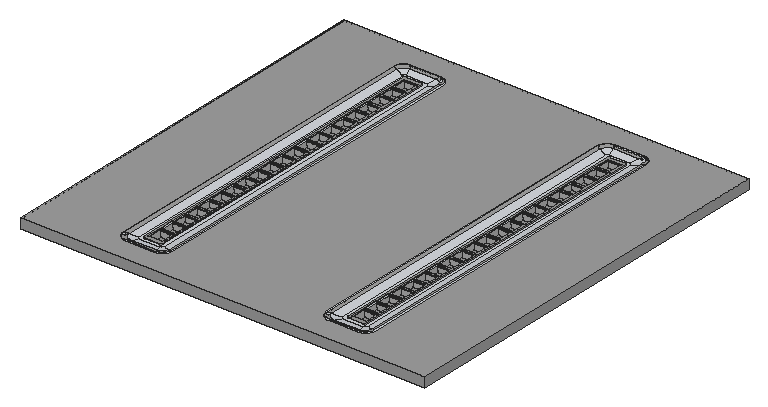
Revit family "0044010 Sylvania Lighting Fixture OptiClip 600 3000K C8 WH SSC WHITE", category Lighting Fixtures, host Face, Revit 2016 (continued)
Automatic sketch dimensions
  Blend 25 sketch curve to plane 64 = 4.7 mm
  Extrusion 26 sketch curve to plane 75 = 0 mm
  Extrusion 26 sketch curve to plane 77 = 0 mm
  Extrusion 26 sketch curve to plane 76 = 0 mm
  Extrusion 26 sketch curve to plane 74 = 0 mm
  Extrusion 27 sketch curve to plane 77 = 0 mm
  Extrusion 27 sketch curve to plane 76 = 0 mm
  plane 33 to Extrusion 27 sketch curve = 4.7 mm
  Extrusion 27 sketch curve to plane 32 = 4.7 mm
  Extrusion 28 sketch curve to plane 77 = 0 mm
  Extrusion 28 sketch curve to plane 76 = 0 mm
  plane 35 to Extrusion 28 sketch curve = 4.655 mm
  Extrusion 28 sketch curve to plane 34 = 4.7 mm
  Extrusion 29 sketch curve to plane 77 = 0 mm
  Extrusion 29 sketch curve to plane 76 = 0 mm
  plane 37 to Extrusion 29 sketch curve = 4.745 mm
  Extrusion 29 sketch curve to plane 36 = 4.7 mm
  Extrusion 30 sketch curve to plane 77 = 0 mm
  Extrusion 30 sketch curve to plane 76 = 0 mm
  plane 39 to Extrusion 30 sketch curve = 4.7 mm
  Extrusion 30 sketch curve to plane 38 = 4.7 mm
  Extrusion 31 sketch curve to plane 77 = 0 mm
  Extrusion 31 sketch curve to plane 76 = 0 mm
  plane 41 to Extrusion 31 sketch curve = 4.7 mm
  Extrusion 31 sketch curve to plane 40 = 4.7 mm
  Extrusion 32 sketch curve to plane 77 = 0 mm
  Extrusion 32 sketch curve to plane 76 = 0 mm
  plane 43 to Extrusion 32 sketch curve = 4.7 mm
  Extrusion 32 sketch curve to plane 42 = 4.7 mm
  Extrusion 33 sketch curve to plane 77 = 0 mm
  Extrusion 33 sketch curve to plane 76 = 0 mm
  plane 45 to Extrusion 33 sketch curve = 4.674 mm
  Extrusion 33 sketch curve to plane 44 = 4.7 mm
  Extrusion 34 sketch curve to plane 77 = 0 mm
  Extrusion 34 sketch curve to plane 76 = 0 mm
  plane 47 to Extrusion 34 sketch curve = 4.726 mm
  Extrusion 34 sketch curve to plane 46 = 4.7 mm
  Extrusion 35 sketch curve to plane 77 = 0 mm
  Extrusion 35 sketch curve to plane 76 = 0 mm
  plane 49 to Extrusion 35 sketch curve = 4.7 mm
  Extrusion 35 sketch curve to plane 48 = 4.7 mm
  Extrusion 36 sketch curve to plane 77 = 0 mm
  Extrusion 36 sketch curve to plane 76 = 0 mm
  plane 51 to Extrusion 36 sketch curve = 4.7 mm
  Extrusion 36 sketch curve to plane 50 = 4.7 mm
  Extrusion 37 sketch curve to plane 77 = 0 mm
  Extrusion 37 sketch curve to plane 76 = 0 mm
  plane 53 to Extrusion 37 sketch curve = 4.7 mm
  Extrusion 37 sketch curve to plane 52 = 4.7 mm
  Extrusion 38 sketch curve to plane 77 = 0 mm
  Extrusion 38 sketch curve to plane 76 = 0 mm
  plane 55 to Extrusion 38 sketch curve = 4.7 mm
  Extrusion 38 sketch curve to plane 54 = 4.7 mm
  Extrusion 39 sketch curve to plane 77 = 0 mm
  Extrusion 39 sketch curve to plane 76 = 0 mm
  plane 57 to Extrusion 39 sketch curve = 4.655 mm
  Extrusion 39 sketch curve to plane 56 = 4.7 mm
  Extrusion 40 sketch curve to plane 77 = 0 mm
  Extrusion 40 sketch curve to plane 76 = 0 mm
  plane 59 to Extrusion 40 sketch curve = 4.745 mm
  Extrusion 40 sketch curve to plane 58 = 4.7 mm
  Extrusion 41 sketch curve to plane 77 = 0 mm
  Extrusion 41 sketch curve to plane 76 = 0 mm
  plane 61 to Extrusion 41 sketch curve = 4.7 mm
  Extrusion 41 sketch curve to plane 60 = 4.7 mm
  Extrusion 42 sketch curve to plane 77 = 0 mm
  Extrusion 42 sketch curve to plane 76 = 0 mm
  plane 63 to Extrusion 42 sketch curve = 4.7 mm
  Extrusion 42 sketch curve to plane 62 = 4.7 mm
  Extrusion 43 sketch curve to plane 77 = 0 mm
  Extrusion 43 sketch curve to plane 76 = 0 mm
  plane 65 to Extrusion 43 sketch curve = 4.7 mm
  Extrusion 43 sketch curve to plane 64 = 4.7 mm
  Extrusion 44 sketch curve to plane 77 = 0 mm
  Extrusion 44 sketch curve to plane 76 = 0 mm
  plane 67 to Extrusion 44 sketch curve = 4.7 mm
  Extrusion 44 sketch curve to plane 66 = 4.7 mm
  Extrusion 45 sketch curve to plane 77 = 0 mm
  Extrusion 45 sketch curve to plane 76 = 0 mm
  plane 69 to Extrusion 45 sketch curve = 4.7 mm
  Extrusion 45 sketch curve to plane 68 = 4.7 mm
  Extrusion 46 sketch curve to plane 77 = 0 mm
  Extrusion 46 sketch curve to plane 76 = 0 mm
  plane 71 to Extrusion 46 sketch curve = 4.7 mm
  Extrusion 46 sketch curve to plane 70 = 4.7 mm
  plane 25 to Blend 47 sketch curve = 2.5 mm  (x2)
  plane 3 "Center (Left/Right)" to Blend 47 sketch curve = 114 mm
  Blend 47 sketch curve to plane 24 = 1 mm
  Blend 47 sketch curve to Blend 47 sketch curve = 15 mm  (x2)
  Blend 47 sketch curve to Blend 47 sketch curve = 42 mm  (x2)
  plane 20 to Blend 47 sketch curve = 0 mm
  plane 80 to Blend 47 sketch curve = 2 mm  (x2)
  plane 3 "Center (Left/Right)" to Blend 47 sketch curve = 130.5 mm
  plane 25 to Blend 47 sketch curve = 1 mm
  Blend 47 sketch curve to plane 81 = 2.155 mm
  Blend 47 sketch curve to Blend 47 sketch curve = 4 mm
  Blend 47 sketch curve to Blend 47 sketch curve = 30.692 mm
  Blend 47 sketch curve to Blend 47 sketch curve = 0.297 mm
  Blend 47 sketch curve to plane 81 = 2.222 mm
  Blend 47 sketch curve to Blend 47 sketch curve = 3.933 mm
  plane 24 to Blend 48 sketch curve = 0 mm
  plane 22 to Blend 48 sketch curve = 0 mm
  Blend 48 sketch curve to plane 20 = 1.5 mm  (x2)
  plane 25 to Blend 48 sketch curve = 2.5 mm  (x2)
  Blend 48 sketch curve to plane 10 = 110 mm
  Blend 48 sketch curve to Blend 48 sketch curve = 42 mm
  plane 26 to Blend 48 sketch curve = 0 mm
  plane 25 to Blend 48 sketch curve = 0 mm
  Blend 48 sketch curve to plane 81 = 2.155 mm  (x2)
  Blend 48 sketch curve to plane 81 = 2.066 mm
  plane 80 to Blend 48 sketch curve = 2 mm  (x2)
  Blend 48 sketch curve to plane 10 = 126.5 mm
  Blend 48 sketch curve to Blend 48 sketch curve = 3.014 mm
  Blend 48 sketch curve to Blend 48 sketch curve = 31.034 mm
  Blend 48 sketch curve to Blend 48 sketch curve = 30.692 mm
  plane 30 to Extrusion 49 sketch curve = 0 mm
  plane 29 to Extrusion 49 sketch curve = 0 mm
  plane 3 "Center (Left/Right)" to Extrusion 49 sketch curve = 140 mm
  Extrusion 49 sketch curve to Extrusion 49 sketch curve = 22 mm
  Blend 50 sketch curve to plane 67 = 0 mm
  Blend 50 sketch curve to plane 66 = 0 mm
  Blend 50 sketch curve to plane 73 = 0 mm
  Blend 50 sketch curve to plane 72 = 0 mm
  Blend 50 sketch curve to plane 77 = 0 mm
  Blend 50 sketch curve to plane 76 = 0 mm
  plane 67 to Blend 50 sketch curve = 4.7 mm
  Blend 50 sketch curve to plane 66 = 4.7 mm
  Blend 51 sketch curve to plane 69 = 0 mm
  Blend 51 sketch curve to plane 68 = 0 mm
  Blend 51 sketch curve to plane 73 = 0 mm
  Blend 51 sketch curve to plane 72 = 0 mm
  Blend 51 sketch curve to plane 77 = 0 mm
  Blend 51 sketch curve to plane 76 = 0 mm
  plane 69 to Blend 51 sketch curve = 4.7 mm
  Blend 51 sketch curve to plane 68 = 4.7 mm
  Blend 52 sketch curve to plane 71 = 0 mm
  Blend 52 sketch curve to plane 70 = 0 mm
  Blend 52 sketch curve to plane 73 = 0 mm
  Blend 52 sketch curve to plane 72 = 0 mm
  Blend 52 sketch curve to plane 77 = 0 mm
  Blend 52 sketch curve to plane 76 = 0 mm
  plane 71 to Blend 52 sketch curve = 4.7 mm
  Blend 52 sketch curve to plane 70 = 4.7 mm
  plane 82 to Extrusion 53 sketch curve = 0 mm  (x2)
  Extrusion 53 sketch curve to plane 80 = 0 mm
  plane 81 to Extrusion 53 sketch curve = 0 mm
  plane 3 "Center (Left/Right)" to Extrusion 53 sketch curve = 137.5 mm
  Extrusion 53 sketch curve to plane 30 = 1.726 mm
  Extrusion 53 sketch curve to Extrusion 53 sketch curve = 2.284 mm
  Extrusion 53 sketch curve to Extrusion 53 sketch curve = 22 mm
  Extrusion 53 sketch curve to plane 30 = 1.536 mm
  Extrusion 53 sketch curve to Extrusion 53 sketch curve = 2.456 mm
  plane 31 to Blend 54 sketch curve = 0 mm
  Blend 54 sketch curve to plane 29 = 1.75 mm
  Blend 54 sketch curve to plane 10 = 133.539 mm
  Blend 54 sketch curve to Blend 54 sketch curve = 20.961 mm
  plane 75 to Blend 54 sketch curve = 0 mm
  plane 74 to Blend 54 sketch curve = 0 mm
  Blend 54 sketch curve to plane 10 = 138.039 mm
  Blend 54 sketch curve to Blend 54 sketch curve = 11.961 mm
  plane 33 to Blend 55 sketch curve = 0 mm
  plane 32 to Blend 55 sketch curve = 0 mm
  Blend 55 sketch curve to plane 10 = 133.539 mm
  Blend 55 sketch curve to Blend 55 sketch curve = 20.961 mm
  plane 33 to Blend 55 sketch curve = 4.7 mm
  Blend 55 sketch curve to plane 32 = 4.7 mm
  Blend 55 sketch curve to plane 10 = 138.039 mm
  Blend 55 sketch curve to Blend 55 sketch curve = 11.961 mm
  plane 34 to Blend 56 sketch curve = 0 mm
  Blend 56 sketch curve to plane 35 = 0.045 mm
  Blend 56 sketch curve to plane 10 = 133.539 mm
  Blend 56 sketch curve to Blend 56 sketch curve = 20.961 mm
  plane 35 to Blend 56 sketch curve = 4.655 mm
  Blend 56 sketch curve to plane 34 = 4.7 mm
  Blend 56 sketch curve to plane 10 = 138.039 mm
  Blend 56 sketch curve to Blend 56 sketch curve = 11.961 mm
  plane 36 to Blend 57 sketch curve = 0 mm
  plane 37 to Blend 57 sketch curve = 0.045 mm
  Blend 57 sketch curve to plane 10 = 133.539 mm
  Blend 57 sketch curve to Blend 57 sketch curve = 20.961 mm
  plane 37 to Blend 57 sketch curve = 4.745 mm
  Blend 57 sketch curve to plane 36 = 4.7 mm
  Blend 57 sketch curve to plane 10 = 138.039 mm
  Blend 57 sketch curve to Blend 57 sketch curve = 11.961 mm
  plane 39 to Blend 58 sketch curve = 0 mm
  plane 38 to Blend 58 sketch curve = 0 mm
  Blend 58 sketch curve to plane 10 = 133.539 mm
  Blend 58 sketch curve to Blend 58 sketch curve = 20.961 mm
  plane 39 to Blend 58 sketch curve = 4.7 mm
  Blend 58 sketch curve to plane 38 = 4.7 mm
  Blend 58 sketch curve to plane 10 = 138.039 mm
  Blend 58 sketch curve to Blend 58 sketch curve = 11.961 mm
  plane 41 to Blend 59 sketch curve = 0 mm
  plane 40 to Blend 59 sketch curve = 0 mm
  Blend 59 sketch curve to plane 10 = 133.539 mm
  Blend 59 sketch curve to Blend 59 sketch curve = 20.961 mm
  plane 41 to Blend 59 sketch curve = 4.7 mm
  Blend 59 sketch curve to plane 40 = 4.7 mm
  Blend 59 sketch curve to plane 10 = 138.039 mm
  Blend 59 sketch curve to Blend 59 sketch curve = 11.961 mm
  plane 43 to Blend 60 sketch curve = 0 mm
  plane 42 to Blend 60 sketch curve = 0 mm
  Blend 60 sketch curve to plane 10 = 133.539 mm
  Blend 60 sketch curve to Blend 60 sketch curve = 20.961 mm
  plane 43 to Blend 60 sketch curve = 4.7 mm
  Blend 60 sketch curve to plane 42 = 4.7 mm
  Blend 60 sketch curve to plane 10 = 138.039 mm
  Blend 60 sketch curve to Blend 60 sketch curve = 11.961 mm
  plane 44 to Blend 61 sketch curve = 0 mm
  Blend 61 sketch curve to plane 45 = 0.026 mm
  Blend 61 sketch curve to plane 10 = 133.539 mm
  Blend 61 sketch curve to Blend 61 sketch curve = 20.961 mm
  plane 45 to Blend 61 sketch curve = 4.674 mm
  Blend 61 sketch curve to plane 44 = 4.7 mm
  Blend 61 sketch curve to plane 10 = 138.039 mm
  Blend 61 sketch curve to Blend 61 sketch curve = 11.961 mm
  plane 46 to Blend 62 sketch curve = 0 mm
  plane 47 to Blend 62 sketch curve = 0.026 mm
  Blend 62 sketch curve to plane 10 = 133.539 mm
  Blend 62 sketch curve to Blend 62 sketch curve = 20.961 mm
  plane 47 to Blend 62 sketch curve = 4.726 mm
  Blend 62 sketch curve to plane 46 = 4.7 mm
  Blend 62 sketch curve to plane 10 = 138.039 mm
  Blend 62 sketch curve to Blend 62 sketch curve = 11.961 mm
  plane 49 to Blend 63 sketch curve = 0 mm
  plane 48 to Blend 63 sketch curve = 0 mm
  Blend 63 sketch curve to plane 10 = 133.539 mm
  Blend 63 sketch curve to Blend 63 sketch curve = 20.961 mm
  plane 49 to Blend 63 sketch curve = 4.7 mm
  Blend 63 sketch curve to plane 48 = 4.7 mm
  Blend 63 sketch curve to plane 10 = 138.039 mm
  Blend 63 sketch curve to Blend 63 sketch curve = 11.961 mm
  plane 51 to Blend 64 sketch curve = 0 mm
  plane 50 to Blend 64 sketch curve = 0 mm
  Blend 64 sketch curve to plane 10 = 133.539 mm
  Blend 64 sketch curve to Blend 64 sketch curve = 20.961 mm
  plane 51 to Blend 64 sketch curve = 4.7 mm
  Blend 64 sketch curve to plane 50 = 4.7 mm
  Blend 64 sketch curve to plane 10 = 138.039 mm
  Blend 64 sketch curve to Blend 64 sketch curve = 11.961 mm
  plane 53 to Blend 65 sketch curve = 0 mm
  plane 52 to Blend 65 sketch curve = 0 mm
  Blend 65 sketch curve to plane 10 = 133.539 mm
  Blend 65 sketch curve to Blend 65 sketch curve = 20.961 mm
  plane 53 to Blend 65 sketch curve = 4.7 mm
  Blend 65 sketch curve to plane 52 = 4.7 mm
  Blend 65 sketch curve to plane 10 = 138.039 mm
  Blend 65 sketch curve to Blend 65 sketch curve = 11.961 mm
  plane 55 to Blend 66 sketch curve = 0 mm
  plane 54 to Blend 66 sketch curve = 0 mm
  Blend 66 sketch curve to plane 10 = 133.539 mm
  Blend 66 sketch curve to Blend 66 sketch curve = 20.961 mm
  plane 55 to Blend 66 sketch curve = 4.7 mm
  Blend 66 sketch curve to plane 54 = 4.7 mm
  Blend 66 sketch curve to plane 10 = 138.039 mm
  Blend 66 sketch curve to Blend 66 sketch curve = 11.961 mm
  plane 56 to Blend 67 sketch curve = 0 mm
  Blend 67 sketch curve to plane 57 = 0.045 mm
  Blend 67 sketch curve to plane 10 = 133.539 mm
  Blend 67 sketch curve to Blend 67 sketch curve = 20.961 mm
  plane 57 to Blend 67 sketch curve = 4.655 mm
  Blend 67 sketch curve to plane 56 = 4.7 mm
  Blend 67 sketch curve to plane 10 = 138.039 mm
  Blend 67 sketch curve to Blend 67 sketch curve = 11.961 mm
  plane 58 to Blend 68 sketch curve = 0 mm
  plane 59 to Blend 68 sketch curve = 0.045 mm
  Blend 68 sketch curve to plane 10 = 133.539 mm
  Blend 68 sketch curve to Blend 68 sketch curve = 20.961 mm
  plane 59 to Blend 68 sketch curve = 4.745 mm
  Blend 68 sketch curve to plane 58 = 4.7 mm
  Blend 68 sketch curve to plane 10 = 138.039 mm
  Blend 68 sketch curve to Blend 68 sketch curve = 11.961 mm
  plane 61 to Blend 69 sketch curve = 0 mm
  plane 60 to Blend 69 sketch curve = 0 mm
  Blend 69 sketch curve to plane 10 = 133.539 mm
  Blend 69 sketch curve to Blend 69 sketch curve = 20.961 mm
  plane 61 to Blend 69 sketch curve = 4.7 mm
  Blend 69 sketch curve to plane 60 = 4.7 mm
  Blend 69 sketch curve to plane 10 = 138.039 mm
  Blend 69 sketch curve to Blend 69 sketch curve = 11.961 mm
  plane 63 to Blend 70 sketch curve = 0 mm
  plane 62 to Blend 70 sketch curve = 0 mm
  Blend 70 sketch curve to plane 10 = 133.539 mm
  Blend 70 sketch curve to Blend 70 sketch curve = 20.961 mm
  plane 63 to Blend 70 sketch curve = 4.7 mm
  Blend 70 sketch curve to plane 62 = 4.7 mm
  Blend 70 sketch curve to plane 10 = 138.039 mm
  Blend 70 sketch curve to Blend 70 sketch curve = 11.961 mm
  plane 65 to Blend 71 sketch curve = 0 mm
  plane 64 to Blend 71 sketch curve = 0 mm
  Blend 71 sketch curve to plane 10 = 133.539 mm
  Blend 71 sketch curve to Blend 71 sketch curve = 20.961 mm
  plane 65 to Blend 71 sketch curve = 4.7 mm
  Blend 71 sketch curve to plane 64 = 4.7 mm
  Blend 71 sketch curve to plane 10 = 138.039 mm
  Blend 71 sketch curve to Blend 71 sketch curve = 11.961 mm
  plane 67 to Blend 72 sketch curve = 0 mm
  plane 66 to Blend 72 sketch curve = 0 mm
  Blend 72 sketch curve to plane 10 = 133.539 mm
  Blend 72 sketch curve to Blend 72 sketch curve = 20.961 mm
  plane 67 to Blend 72 sketch curve = 4.7 mm
  Blend 72 sketch curve to plane 66 = 4.7 mm
  Blend 72 sketch curve to plane 10 = 138.039 mm
  Blend 72 sketch curve to Blend 72 sketch curve = 11.961 mm
  plane 69 to Blend 73 sketch curve = 0 mm
  plane 68 to Blend 73 sketch curve = 0 mm
  Blend 73 sketch curve to plane 10 = 133.539 mm
  Blend 73 sketch curve to Blend 73 sketch curve = 20.961 mm
  plane 69 to Blend 73 sketch curve = 4.7 mm
  Blend 73 sketch curve to plane 68 = 4.7 mm
  Blend 73 sketch curve to plane 10 = 138.039 mm
  Blend 73 sketch curve to Blend 73 sketch curve = 11.961 mm
  plane 71 to Blend 74 sketch curve = 0 mm
  plane 70 to Blend 74 sketch curve = 0 mm
  Blend 74 sketch curve to plane 10 = 133.539 mm
  Blend 74 sketch curve to Blend 74 sketch curve = 20.961 mm
  plane 71 to Blend 74 sketch curve = 4.7 mm
  Blend 74 sketch curve to plane 70 = 4.7 mm
  Blend 74 sketch curve to plane 10 = 138.039 mm
  Blend 74 sketch curve to Blend 74 sketch curve = 11.961 mm
  plane 75 to Extrusion 75 sketch curve = 0 mm
  plane 74 to Extrusion 75 sketch curve = 0 mm
  plane 3 "Center (Left/Right)" to Extrusion 75 sketch curve = 145 mm
  Extrusion 75 sketch curve to Extrusion 75 sketch curve = 11.961 mm
  plane 33 to Extrusion 76 sketch curve = 4.7 mm
  plane 3 "Center (Left/Right)" to Extrusion 76 sketch curve = 145 mm
  Extrusion 76 sketch curve to Extrusion 76 sketch curve = 11.961 mm
  Extrusion 76 sketch curve to plane 32 = 4.7 mm
  plane 35 to Extrusion 77 sketch curve = 4.655 mm
  plane 3 "Center (Left/Right)" to Extrusion 77 sketch curve = 145 mm
  Extrusion 77 sketch curve to Extrusion 77 sketch curve = 11.961 mm
  Extrusion 77 sketch curve to plane 34 = 4.7 mm
  plane 37 to Extrusion 78 sketch curve = 4.745 mm
  plane 3 "Center (Left/Right)" to Extrusion 78 sketch curve = 145 mm
  Extrusion 78 sketch curve to Extrusion 78 sketch curve = 11.961 mm
  Extrusion 78 sketch curve to plane 36 = 4.7 mm
  plane 39 to Extrusion 79 sketch curve = 4.7 mm
  plane 3 "Center (Left/Right)" to Extrusion 79 sketch curve = 145 mm
  Extrusion 79 sketch curve to Extrusion 79 sketch curve = 11.961 mm
  Extrusion 79 sketch curve to plane 38 = 4.7 mm
  plane 41 to Extrusion 80 sketch curve = 4.7 mm
  plane 3 "Center (Left/Right)" to Extrusion 80 sketch curve = 145 mm
  Extrusion 80 sketch curve to Extrusion 80 sketch curve = 11.961 mm
  Extrusion 80 sketch curve to plane 40 = 4.7 mm
  plane 43 to Extrusion 81 sketch curve = 4.7 mm
  plane 3 "Center (Left/Right)" to Extrusion 81 sketch curve = 145 mm
  Extrusion 81 sketch curve to Extrusion 81 sketch curve = 11.961 mm
  Extrusion 81 sketch curve to plane 42 = 4.7 mm
  plane 45 to Extrusion 82 sketch curve = 4.674 mm
  plane 3 "Center (Left/Right)" to Extrusion 82 sketch curve = 145 mm
  Extrusion 82 sketch curve to Extrusion 82 sketch curve = 11.961 mm
  Extrusion 82 sketch curve to plane 44 = 4.7 mm
  plane 47 to Extrusion 83 sketch curve = 4.726 mm
  plane 3 "Center (Left/Right)" to Extrusion 83 sketch curve = 145 mm
  Extrusion 83 sketch curve to Extrusion 83 sketch curve = 11.961 mm
  Extrusion 83 sketch curve to plane 46 = 4.7 mm
  plane 49 to Extrusion 84 sketch curve = 4.7 mm
  plane 3 "Center (Left/Right)" to Extrusion 84 sketch curve = 145 mm
  Extrusion 84 sketch curve to Extrusion 84 sketch curve = 11.961 mm
  Extrusion 84 sketch curve to plane 48 = 4.7 mm
  plane 51 to Extrusion 85 sketch curve = 4.7 mm
  plane 3 "Center (Left/Right)" to Extrusion 85 sketch curve = 145 mm
  Extrusion 85 sketch curve to Extrusion 85 sketch curve = 11.961 mm
  Extrusion 85 sketch curve to plane 50 = 4.7 mm
  plane 53 to Extrusion 86 sketch curve = 4.7 mm
  plane 3 "Center (Left/Right)" to Extrusion 86 sketch curve = 145 mm
  Extrusion 86 sketch curve to Extrusion 86 sketch curve = 11.961 mm
  Extrusion 86 sketch curve to plane 52 = 4.7 mm
  plane 55 to Extrusion 87 sketch curve = 4.7 mm
  plane 3 "Center (Left/Right)" to Extrusion 87 sketch curve = 145 mm
  Extrusion 87 sketch curve to Extrusion 87 sketch curve = 11.961 mm
  Extrusion 87 sketch curve to plane 54 = 4.7 mm
  plane 57 to Extrusion 88 sketch curve = 4.655 mm
  plane 3 "Center (Left/Right)" to Extrusion 88 sketch curve = 145 mm
  Extrusion 88 sketch curve to Extrusion 88 sketch curve = 11.961 mm
  Extrusion 88 sketch curve to plane 56 = 4.7 mm
  plane 59 to Extrusion 89 sketch curve = 4.745 mm
  plane 3 "Center (Left/Right)" to Extrusion 89 sketch curve = 145 mm
  Extrusion 89 sketch curve to Extrusion 89 sketch curve = 11.961 mm
  Extrusion 89 sketch curve to plane 58 = 4.7 mm
  plane 61 to Extrusion 90 sketch curve = 4.7 mm
  plane 3 "Center (Left/Right)" to Extrusion 90 sketch curve = 145 mm
  Extrusion 90 sketch curve to Extrusion 90 sketch curve = 11.961 mm
  Extrusion 90 sketch curve to plane 60 = 4.7 mm
  plane 63 to Extrusion 91 sketch curve = 4.7 mm
  plane 3 "Center (Left/Right)" to Extrusion 91 sketch curve = 145 mm
  Extrusion 91 sketch curve to Extrusion 91 sketch curve = 11.961 mm
  Extrusion 91 sketch curve to plane 62 = 4.7 mm
  plane 65 to Extrusion 92 sketch curve = 4.7 mm
  plane 3 "Center (Left/Right)" to Extrusion 92 sketch curve = 145 mm
  Extrusion 92 sketch curve to Extrusion 92 sketch curve = 11.961 mm
  Extrusion 92 sketch curve to plane 64 = 4.7 mm
  plane 67 to Extrusion 93 sketch curve = 4.7 mm
  plane 3 "Center (Left/Right)" to Extrusion 93 sketch curve = 145 mm
  Extrusion 93 sketch curve to Extrusion 93 sketch curve = 11.961 mm
  Extrusion 93 sketch curve to plane 66 = 4.7 mm
  plane 69 to Extrusion 94 sketch curve = 4.7 mm
  plane 3 "Center (Left/Right)" to Extrusion 94 sketch curve = 145 mm
  Extrusion 94 sketch curve to Extrusion 94 sketch curve = 11.961 mm
  Extrusion 94 sketch curve to plane 68 = 4.7 mm
  plane 71 to Extrusion 95 sketch curve = 4.7 mm
  plane 3 "Center (Left/Right)" to Extrusion 95 sketch curve = 145 mm
  Extrusion 95 sketch curve to Extrusion 95 sketch curve = 11.961 mm
  Extrusion 95 sketch curve to plane 70 = 4.7 mm
  Extrusion 96 sketch curve to plane 7 = 0 mm
  plane 8 to Extrusion 96 sketch curve = 0 mm
  plane 6 to Extrusion 96 sketch curve = 0 mm
  plane 5 to Extrusion 96 sketch curve = 0 mm
Connectors
  electrical at (0, 0, -1.008)
    settings: on cut or joined group of Extrusion 2, Extrusion 3, Blend 5, Blend 48, index 1, voltage 0 V, apparent load 0 VA, apparent load phase1 0 VA, apparent load phase2 0 VA, apparent load phase3 0 VA, power factor 1, load classification "Other", number of poles 1, system type 31, power factor state 1, is connector primary yes, connector utility no, sub classification motor no, connector description ""
